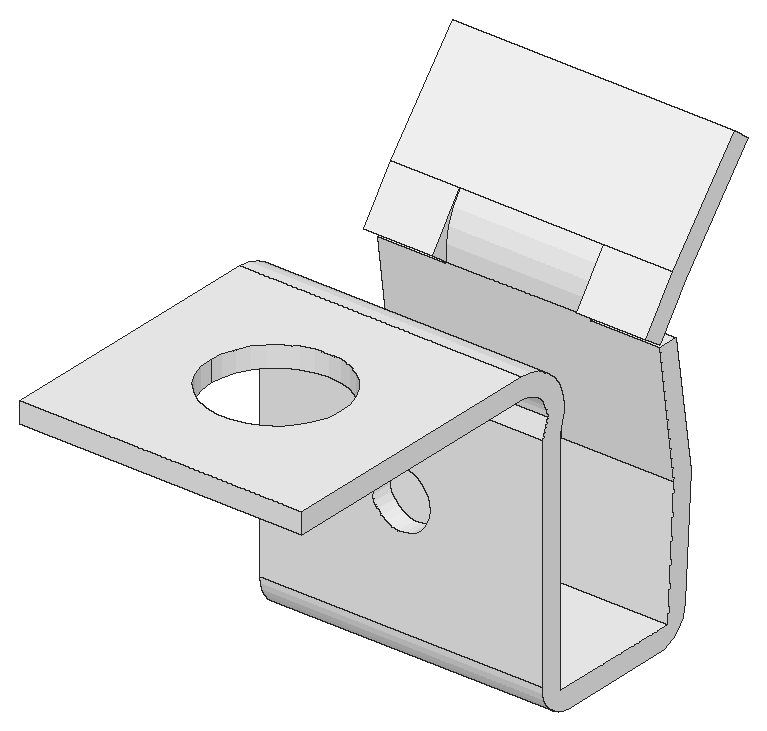
Revit family "hanger_c19", category 機械設備, Revit 2022
Family settings
  丸型コネクタ寸法 = 直径を使用
  種別 = なし
  パーツ タイプ = 標準
  作業面ベース = いいえ
  常に垂直 = はい
  ロード時にボイドで切り取り = いいえ
  注釈の向きを維持 = いいえ
  共有 = いいえ
  部屋計算ポイント = いいえ
Parameters
  製造元 = "株式会社桐井製作所"
  既定の高さ = 0 mm
  URL = "https://www.kirii.co.jp/"
  K_材質 = "SGHC　一般用"
  K_品名 = "C-19用ハンガー"
  K_名称 = "その他ハンガー"
  K_入数 = "400"
  K_バージョン情報 = "20211012"
  K_めっき付着量 = "Z12"
  K_JIS規格 = "JIS G 3302"
Reference planes
  plane 1 "中心(正面/背面)": y = 0
  plane 2: z = 0
  plane 3 "中心(左/右)": x = 0
  plane 4: x = 10.75
  plane 5: x = -10.75
Forms (mm)
  Extrusion 1, void
    sketch origin (0, -1.432, 0) x (1, 0, 0) y (0, 1, 0)
      loop
        line (-10.75, 14.349) -> (-10.75, 3.942) -> (-5.5, 3.942) -> (-5.5, 14.349) -> (-10.75, 14.349)
      loop
        line (5.5, 14.314) -> (5.5, 3.952) -> (10.75, 3.952) -> (10.75, 14.314) -> (5.5, 14.314)
    from 19.207 to 30.9
  Extrusion 2, void
    sketch origin (0, -2.227, 0) x (1, 0, 0) y (0, 1, 0)
      loop
        circle (0, -16.457) r 5
    from 21.4 to 23
  Extrusion 3, solid
    sketch origin (0, 0, -1.6) x (0, 1, 0) y (0, 0, 1)
      loop
        line (4.401, 21.006) -> (5.742, 11.1) -> (5.164, 1.6) -> (-5.142, 1.6) -> (-5.142, 19.163) -> (-4.795, 20.174)
        arc (-4.795, 20.174) -> (-4.699, 20.606) -> (-4.699, 21.048) r 2
        arc (-4.699, 21.048) -> (-6.009, 23.583) -> (-8.674, 24.6) r 4
        line (-8.674, 24.6) -> (-29.664, 24.6) -> (-29.664, 23) -> (-8.674, 23)
        arc (-8.674, 23) -> (-7.04, 22.358) -> (-6.28, 20.775) r 2.4
        line (-6.28, 20.775) -> (-6.764, 19.367) -> (-6.764, 2.5)
        arc (-6.764, 2.5) -> (-6.032, 0.732) -> (-4.264, 0) r 2.5
        line (-4.264, 0) -> (4.317, 0)
        arc (4.317, 0) -> (6.03, 0.679) -> (6.812, 2.348) r 2.5
        line (6.812, 2.348) -> (7.349, 11.165) -> (5.928, 21.146)
        arc (5.928, 21.146) -> (6.097, 22.88) -> (6.925, 24.412) r 4.4
        line (6.925, 24.412) -> (12.813, 31.476) -> (11.583, 32.5) -> (5.696, 25.437)
        arc (5.696, 25.437) -> (4.587, 23.356) -> (4.401, 21.006) r 5.783
    from -10.75 to 10.75
  Extrusion 4, solid
    sketch origin (0, 0, 0) x (0, 1, 0) y (0, 0, 1)
      loop
        line (12.813, 29.876) -> (11.583, 30.9) -> (5.696, 23.837)
        arc (5.696, 23.837) -> (4.345, 22.12) -> (3.094, 20.329) r 38.54
        line (3.094, 20.329) -> (4.401, 19.406)
        arc (4.401, 19.406) -> (5.614, 21.145) -> (6.925, 22.812) r 37.079
        line (6.925, 22.812) -> (12.813, 29.876)
    from -10.75 to 10.75
  Extrusion 5, void
    sketch origin (0, 0, 0) x (1, 0, 0) y (0, 1, 0)
      loop
        circle (0, 0.023) r 2.25
    from -1.6 to 0
  Extrusion 6, void
    sketch origin (0, -8.562, 0) x (1, 0, 0) y (0, 1, 0)
      loop
        line (-5.5, 21.375) -> (-5.5, 11.583) -> (5.5, 11.583) -> (5.5, 21.375) -> (-5.5, 21.375)
    from 19.207 to 30.9
  Extrusion 7, void
    sketch origin (0, 0, 0) x (1, 0, 0) y (0, 0, 1)
      loop
        circle (0, 10) r 2.25
    from 5.142 to 6.764
  Extrusion 8, void
    sketch origin (0, 12.109, 0) x (1, 0, 0) y (0, 0, 1)
      loop
        circle (0, 10) r 2.25
    from 4.391 to 6.764
Cuts and joins
  Extrusion 1, Extrusion 2, Extrusion 5, Extrusion 7, Extrusion 8 cuts Extrusion 3
  Extrusion 5, Extrusion 6 cuts Extrusion 4
  joined: Extrusion 3, Extrusion 4
Dimensions and locks
  aligned and locked: level to plane 2
